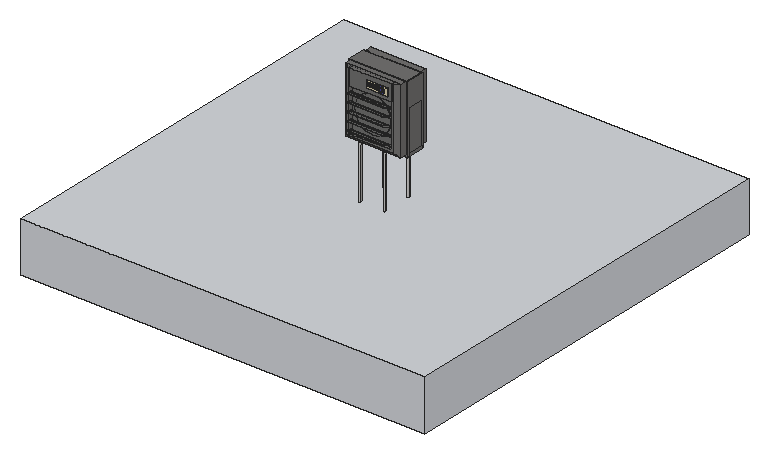
Revit family "Downflow_Unit_Heaters-QMark-MUH", category Mechanical Equipment, host Face, Revit 2012
Parameters (values of type "Not a Type - Load Type Catalog")
  Wire Size = "12"
  Width = 1' - 2"
  Watts = 32291.7 A
  Wall Mount C [instance] = if(Wall Mount, 1 = 1, 1 = 0)  # no
  Wall Mount [instance] = no
  Voltage = 208 V
  Visibility1 [instance] = if(or(Ceiling Mount Horizontal C, Wall Mount C), 1 = 1, 1 = 2)  # no
  URL = "http://www.marleymep.com/en/qmark/"
  Total Heating Capacity = 10.2 Btu/h
  Supply Fan Motor Speed = 1600
  Product Page URL = "http://www.marleymep.com/en/qmark/pd-muh-horizontal-downflow-unit-heaters/"
  Product Name = "MUH - Horizontal / Downflow Unit Heaters"  # constant formula
  Product Documentation Link = "http://www.marleymep.com/assets/pdf/ZBL-QMUHO.pdf"
  Power Factor = 1
  Phase = 1
  Number of Poles = 1
  Model = "MUH"  # constant formula
  Material = ""
  Manufacturer = "Marley Engineered Products"  # constant formula
  Length 2 [instance] = if(Ceiling Mount Horizontal C, Height, Depth)  # 0' - 8.496"
  Length 1 = Width  # 1' - 2"
  KW = 3000 W
  Height = 1' - 4"
  Full Load Current = 14.5 A
  Frequency = 60 Hz
  Fan Motor Volts = Voltage  # 208 V
  Fan Motor RPM = 1600
  Fan Motor HP = "1/100"
  Face Offset [instance] = 1' - 0"
  FPM = 800' - 0"
  Description = "Horizontal / Downflow Unit Heaters"  # constant formula
  Depth = 0' - 8.496"
  Default Elevation = 4' - 0"
  DT = 27 °F
  Control Volt = Voltage  # 208 V
  Connection [instance] = 1' - 3"
  Ceiling Mount Vertical C [instance] = if(Ceiling Mount Vertical, 1 = 1, 1 = 0)  # yes
  Ceiling Mount Vertical [instance] = yes
  Ceiling Mount Horizontal C [instance] = if(Ceiling Mount Horizontal, 1 = 1, 1 = 0)  # no
  Ceiling Mount Horizontal [instance] = no
  Casing = Paint - QMark - Black
  Cable Visibility [instance] = if(or(Ceiling Mount Vertical C, Ceiling Mount Horizontal C), 1 = 1, 1 = 2)  # yes
  Cable Offset [instance] = if(Ceiling Mount Horizontal C, 0' 0", 0' 0 7/16")  # 0' - 0 7/16"
  Cable Dist. 4 [instance] = if(Ceiling Mount Horizontal C, 0' 4 1/4", 0' 0 3/4")  # 0' - 0 3/4"
  Cable Dist. 3 [instance] = if(Ceiling Mount Horizontal C, 0' 2", 0' 0 3/4")  # 0' - 0 3/4"
  Cable Dist. 1 [instance] = if(Ceiling Mount Horizontal C, 0' 4 1/16", 0' 4 1/16")  # 0' - 4 1/16"
  Bracket Position = (Depth - 0' 2") / 2  # 0' - 3.248"
  Bracket Location = (Height / 2) + 0' 4 1/16"  # 1' - 0 1/16"
  Bracket Length [instance] = Face Offset + Depth - 0' 1"  # 1' - 7.496"
  Apparent Load = 3016 VA
  Amps = 14.5 A
  Actual Supply Air Flow = 350 CFM
  2 Stage Element Control = "NA"
Reference planes (in)
  plane 1 "Center (Front/Back)": y = 0
  plane 2: z = 0
  plane 3 "Center (Left/Right)": x = 0
  plane 4 "Left": x = -2.9375
  plane 5: y = 3.498
  plane 6: y = -3.498
  plane 7 "Right": x = 2.9375
  plane 8: z = 12
  plane 9: y = 4.248
  plane 10: y = -4.248
  plane 11: x = -7
  plane 12: x = 7
  plane 13: z = 12.4375
  plane 14 "Top": y = 12.0625
  plane 15: z = 19.496
  plane 16: z = 16.248
  plane 17: z = 17.996
Forms (in)
  Extrusion 1, solid
    sketch origin (0, 0, 0) x (1, 0, 0) y (0, 1, 0)
      loop
        line (-48, 48) -> (-48, -48) -> (48, -48) -> (48, 48) -> (-48, 48)
    from 0 to -12
  Extrusion 2, solid, material "Metal - QMark - Stainless Steel", visible <- "Cable Visibility"
    sketch origin (0, 0, 0) x (1, 0, 0) y (0, 1, 0)
      loop
        circle (-2.9375, 3.498) r 0.25
      loop
        circle (2.9375, 3.498) r 0.25
      loop
        circle (2.9375, -3.498) r 0.25
      loop
        circle (-2.9375, -3.498) r 0.25
    from 0 to 12.4375
  Sweep 3, solid, material "Metal - QMark - Stainless Steel", visible <- "Wall Mount C"
    path origin (0, 7.08706, 3.31608) x (0, 1, 0) y (0, 0, 1)
      loop
        line (4.97544, 16.17992) -> (4.97544, 8.43392)
    profile origin (0, 12.0625, 15.623) x (1, 0, 0) y (0, 1, 0)
      loop
        line (-1.15625, 0) -> (-1.15625, -1.25) -> (1.15625, -1.25) -> (1.15625, 0) -> (-1.15625, 0)
      loop
        line (-1.09375, -0.0625) -> (-1.09375, -1.1875) -> (1.09375, -1.1875) -> (1.09375, -0.0625) -> (-1.09375, -0.0625)
  Extrusion 4, solid, material "Metal - QMark - Stainless Steel", visible <- "Wall Mount C"
    sketch origin (0, 2.17461, -5.77942) x (0, 1, 0) y (0, 0, 1)
      loop
        line (9.88789, 5.77942) -> (9.88789, 17.52942) -> (8.63789, 17.52942) -> (-0.11211, 8.77942) -> (-0.11211, 5.77942) -> (9.88789, 5.77942)
      loop
        line (8.63789, 7.02942) -> (8.63789, 15.76165) -> (1.13789, 8.26165) -> (1.13789, 7.02942) -> (8.63789, 7.02942)
    from -1.15625 to 1.15625
Cuts and joins
  joined: Sweep 3, Extrusion 4
Lines and regions (in)
  Masking region 1, visible <- "Wall Mount C"
    outline origin (0, 0, 0) x (1, 0, 0) y (0, 0, 1)
      loop
        line (1.15625, 0) -> (1.15625, 19.496) -> (-1.15625, 19.496) -> (-1.15625, 0) -> (1.15625, 0)
  Masking region 2, visible <- "Ceiling Mount Horizontal C"
    outline origin (0, 0, 0) x (1, 0, 0) y (0, 1, 0)
      loop
        line (-7, 4.248) -> (-7, -4.248) -> (7, -4.248) -> (7, 4.248) -> (-7, 4.248)
  Masking region 3, visible <- "Ceiling Mount Vertical C"
    outline origin (0, 0, 0) x (1, 0, 0) y (0, 1, 0)
      loop
        line (-7, 2.748) -> (-7, -1.748) -> (7, -1.748) -> (7, 2.748) -> (-7, 2.748)
  Masking region 4, visible <- "Wall Mount", detail levels fine
    outline origin (0, 0, 0) x (1, 0, 0) y (0, 0, 1)
      loop
        line (4, 17.996) -> (4, 19.496) -> (1.15625, 19.496) -> (1.15625, 12) -> (4, 12) -> (4, 13.5) -> (3.03846, 13.5) -> (3.03846, 17.996) -> (4, 17.996)
  Masking region 5, visible <- "Wall Mount", detail levels fine
    outline origin (0, 0, 0) x (1, 0, 0) y (0, 0, 1)
      loop
        line (-1.15625, 19.496) -> (-4, 19.496) -> (-4, 17.996) -> (-3.03846, 17.996) -> (-3.03846, 13.5) -> (-4, 13.5) -> (-4, 12) -> (-1.15625, 12) -> (-1.15625, 19.496)
  Masking region 6, visible <- "Wall Mount"
    outline origin (0, 0, 0) x (1, 0, 0) y (0, 0, 1)
      loop
        line (6.5625, 19.496) -> (1.15625, 19.496) -> (1.15625, 12) -> (6.5625, 12) -> (6.5625, 19.496)
      loop
        line (-1.15625, 19.496) -> (-6.5625, 19.496) -> (-6.5625, 12) -> (-1.15625, 12) -> (-1.15625, 19.496)
  Masking region 7, detail levels fine
    outline origin (0, 0, 0) x (1, 0, 0) y (0, 0, 1)
      loop
        line (-7, 17.996) -> (-7, 13.5) -> (-6.5625, 13.5) -> (-6.5625, 17.996) -> (-7, 17.996)
      loop
        line (6.5625, 17.996) -> (6.5625, 13.5) -> (7, 13.5) -> (7, 17.996) -> (6.5625, 17.996)
  Masking region 8, detail levels medium+fine
    outline origin (0, 0, 0) x (1, 0, 0) y (0, 0, 1)
      loop
        line (-5.5625, 20.496) -> (-6.5625, 19.496) -> (6.5625, 19.496) -> (5.5625, 20.496) -> (5.10541, 20.496) -> (4.75, 21.76231) -> (-4.125, 21.76231) -> (-4.48041, 20.496) -> (-5.5625, 20.496)
  reference lines
    curve 1: line (0, 4.248, 15) -> (0, 4.248, 0)
  symbolic lines, visible <- "Ceiling Mount Horizontal C", detail levels fine
    curve 2: line (-5.0625, -3.873, 0) -> (-5.0625, -8, 0)
    curve 3: line (5.0625, -3.873, 0) -> (5.0625, -8, 0)
    curve 24: line (-5.0625, -3.873, 0) -> (5.0625, -3.873, 0)
  symbolic lines, visible <- "Ceiling Mount Horizontal C", detail levels medium+fine
    curve 4: line (-6.5625, -8, 0) -> (-6.5625, 3.8105, 0)
    curve 5: line (-6.5625, 3.8105, 0) -> (6.5625, 3.8105, 0)
    curve 6: line (6.5625, 3.8105, 0) -> (6.5625, -8, 0)
    curve 7: line (5.5625, -8, 0) -> (5.5625, 4.0605, 0)
    curve 8: line (5.5625, 4.0605, 0) -> (-5.5625, 4.0605, 0)
    curve 9: line (-5.5625, 4.0605, 0) -> (-5.5625, -8, 0)
    curve 11: line (-5.5625, 4.0605, 0) -> (-6.5625, 3.8105, 0)
  symbolic lines, visible <- "Ceiling Mount Horizontal", detail levels medium+fine
    curve 10: line (5.5625, 4.0605, 0) -> (6.5625, 3.8105, 0)
  symbolic lines, visible <- "Ceiling Mount Vertical C"
    curve 12: line (-6.5625, 2.748, 0) -> (-6.5625, 4.248, 0)
    curve 13: line (-6.5625, 4.248, 0) -> (6.5625, 4.248, 0)
    curve 14: line (6.5625, 4.248, 0) -> (6.5625, 2.748, 0)
    curve 15: line (6.5625, -1.496, 0) -> (6.5625, -2.996, 0)
    curve 16: line (6.5625, -2.996, 0) -> (-6.5625, -2.996, 0)
    curve 17: line (-6.5625, -2.996, 0) -> (-6.5625, -1.496, 0)
  symbolic lines, visible <- "Ceiling Mount Vertical C", detail levels medium+fine
    curve 18: line (-6.5625, -2.996, 0) -> (-5.5625, -3.996, 0)
    curve 19: line (-5.5625, -3.996, 0) -> (5.5625, -3.996, 0)
    curve 20: line (5.5625, -3.996, 0) -> (6.5625, -2.996, 0)
  symbolic lines, visible <- "Ceiling Mount Vertical C", detail levels fine
    curve 21: line (-5.11141, -3.996, 0) -> (-4.75, -5.28369, 0)
    curve 22: line (-4.75, -5.28369, 0) -> (4.125, -5.28369, 0)
    curve 23: line (4.125, -5.28369, 0) -> (4.48641, -3.996, 0)
  symbolic lines, style "MechanicalEquipmentHiddenLines", visible <- "Wall Mount C"
    curve 25: line (-13, 14.0625, 0) -> (13, 14.0625, 0)
    curve 26: line (-13, -8, 0) -> (-13, 14.0625, 0)
    curve 27: line (13, 14.0625, 0) -> (13, -8, 0)
  symbolic lines, style "MechanicalEquipment"
    curve 28: line (-4.48041, 0, 20.496) -> (5.10541, 0, 20.496)
  symbolic lines, style "MechanicalEquipmentHiddenLines", visible <- "Ceiling Mount Vertical C"
    curve 29: line (-13, 13.5605, 0) -> (13, 13.5605, 0)
    curve 30: line (-13, -4.248, 0) -> (-13, 13.5605, 0)
    curve 31: line (13, -4.248, 0) -> (-13, -4.248, 0)
    curve 32: line (13, 13.5605, 0) -> (13, -4.248, 0)
  symbolic lines, style "MechanicalEquipmentHiddenLines", visible <- "Ceiling Mount Horizontal C"
    curve 33: line (-25, 26, 0) -> (25, 26, 0)
    curve 34: line (-25, -8, 0) -> (-25, 26, 0)
    curve 35: line (25, -8, 0) -> (-25, -8, 0)
    curve 36: line (25, 26, 0) -> (25, -8, 0)
Dimensions and locks (in)
  locked: Extrusion 2 sketch curve to plane 5 at 0.25  (x2)
  locked: plane 5 to Extrusion 2 sketch curve at 0  (x2)
  locked: plane 4 "Left" to Extrusion 2 sketch curve at 0  (x2)
  locked: plane 7 "Right" to Extrusion 2 sketch curve at 0  (x2)
  locked: plane 6 to Extrusion 2 sketch curve at 0.25  (x2)
  locked: plane 6 to Extrusion 2 sketch curve at 0  (x2)
  "Cable Dist. 3": plane 9 to plane 5
  "Cable Dist. 4": plane 10 to plane 6
  "Cable Dist. 1": plane 7 "Right" to plane 12
  "Cable Dist. 1": plane 11 to plane 4 "Left"
  equal spacing: plane 11, plane 3 "Center (Left/Right)", plane 12
  "Length 1": plane 11 to plane 12
  equal spacing: plane 10, plane 1 "Center (Front/Back)", plane 9
  "Length 2": plane 9 to plane 10
  Extrusion 4 to plane 3 "Center (Left/Right)" to Extrusion 4 = 0' - 1 5/32" locked, 0' - 1 5/32" locked
  locked: Sweep 3 sketch curve to plane 2 at 11.75
  Extrusion 4 sketch curve to Extrusion 4 sketch curve to Extrusion 4 sketch curve to Extrusion 4 sketch curve to Extrusion 4 sketch curve to plane 2 = 0' - 1.76777" locked, 0' - 6.98223" locked, 0' - 0.51777" locked, 0' - 1.23223" locked, 0' - 1 1/4" locked
  plane 14 "Top" to Extrusion 4 sketch curve to Extrusion 4 sketch curve to Extrusion 4 sketch curve = 0' - 1 1/4" locked, 0' - 7 1/2" locked, 0' - 1 1/4" locked
  "Bracket Length": plane 15 to plane 2
  "Bracket Position": plane 16 to plane 15
  locked: plane 14 "Top" to nested 3 at 1.25
  "Bracket Location": plane 14 "Top" to plane 1 "Center (Front/Back)"
  "Face Offset": plane 8 to plane 2
  "Cable Offset": plane 13 to plane 8
  "Connection": curve 1 to plane 2
  Masking region 1 sketch curve to plane 3 "Center (Left/Right)" to Masking region 1 sketch curve = 0' - 1 5/32" locked, 0' - 1 5/32" locked
  Sweep 3 sketch curve to plane 3 "Center (Left/Right)" to Sweep 3 sketch curve = 0' - 1 5/32" locked, 0' - 1 5/32" locked
  locked: Sweep 3 sketch curve to Sweep 3 sketch curve at 0.0625  (x2)
  locked: plane 17 to plane 15 at 1.5
  Masking region 3 sketch curve to plane 1 "Center (Front/Back)" to Masking region 3 sketch curve = 0' - 1.748" locked, 0' - 2.748" locked
  Masking region 4 sketch curve to plane 7 "Right" to Masking region 4 sketch curve to Masking region 4 sketch curve to Masking region 4 sketch curve = 0' - 1 25/32" locked, 0' - 0.10096" locked, 0' - 0.96154" locked, 0' - 0" locked
  Masking region 5 sketch curve to plane 4 "Left" to Masking region 5 sketch curve to Masking region 5 sketch curve to Masking region 5 sketch curve = 0' - 1 25/32" locked, 0' - 0.10096" locked, 0' - 0.96154" locked, 0' - 0" locked
  Masking region 6 sketch curve to Masking region 6 sketch curve to nested 3 to Masking region 6 sketch curve to Masking region 6 sketch curve = 0' - 5 13/32" locked, 0' - 1 5/32" locked, 0' - 1 5/32" locked, 0' - 5 13/32" locked
  locked: plane 17 to Masking region 7 sketch curve at 4.496  (x2)
  locked: Masking region 7 sketch curve to plane 11 at 0.4375
  locked: Masking region 7 sketch curve to plane 12 at 0.4375
  Masking region 8 sketch curve to Masking region 8 sketch curve to Masking region 8 sketch curve to plane 15 = 0' - 1.26631" locked, 0' - 0" locked, 0' - 1" locked
  Masking region 8 sketch curve to Masking region 8 sketch curve to Masking region 8 sketch curve to plane 3 "Center (Left/Right)" to Masking region 8 sketch curve to Masking region 8 sketch curve = 0' - 0.45709" locked, 0' - 0.35541" locked, 0' - 4 3/4" locked, 0' - 4 1/8" locked, 0' - 1 7/16" locked
  locked: plane 14 "Top" to curve 25 at 2
  locked: plane 12 to curve 27 at 6
  locked: curve 26 to nested 2 at 6
  locked: plane 12 to curve 32 at 6
  locked: curve 30 to plane 11 at 6
  curve 31 to plane 10 = 0' - 0"
  locked: curve 29 to curve 8 at 9.5
  locked: curve 33 to nested 2 at 18
  locked: curve 34 to plane 11 at 18
  locked: plane 12 to curve 36 at 18
  aligned and locked: plane 2 to Extrusion 1
  aligned and locked: level to Extrusion 1
  aligned and locked: nested 2 to plane 1 "Center (Front/Back)"
  aligned and locked: plane 3 "Center (Left/Right)" to nested 2
  aligned and locked: nested 1 to plane 3 "Center (Left/Right)"
  aligned and locked: plane 1 "Center (Front/Back)" to nested 1
  aligned and locked: nested 1 to plane 8
  aligned and locked: Extrusion 2 to plane 2
  aligned and locked: nested 2 to plane 8
  aligned and locked: plane 13 to Extrusion 2
  aligned and locked: Sweep 3 sketch curve to plane 14 "Top"
  aligned and locked: plane 2 to Extrusion 4 sketch curve
  aligned and locked: plane 15 to Sweep 3 sketch curve
  aligned and locked: nested 3 to plane 3 "Center (Left/Right)"
  aligned and locked: Masking region 1 sketch curve to level
  aligned and locked: Masking region 1 sketch curve to plane 15
  aligned and locked: plane 15 to nested 2
  aligned and locked: plane 17 to nested 3
  aligned and locked: Masking region 2 sketch curve to plane 9
  aligned and locked: plane 12 to Masking region 2 sketch curve
  aligned and locked: plane 11 to Masking region 2 sketch curve
  aligned and locked: Masking region 2 sketch curve to plane 10
  aligned and locked: plane 12 to Masking region 3 sketch curve
  aligned and locked: plane 11 to Masking region 3 sketch curve
  aligned and locked: Masking region 4 sketch curve to plane 15
  aligned and locked: Masking region 4 sketch curve to plane 8
  aligned and locked: plane 15 to Masking region 5 sketch curve
  aligned and locked: plane 8 to Masking region 5 sketch curve
  aligned and locked: plane 15 to Masking region 6 sketch curve  (x2)
  aligned and locked: plane 8 to Masking region 6 sketch curve  (x2)
  aligned and locked: plane 17 to Masking region 7 sketch curve  (x2)
  aligned and locked: plane 12 to Masking region 7 sketch curve
  aligned and locked: plane 11 to Masking region 7 sketch curve
  aligned and locked: plane 15 to Masking region 8 sketch curve
  aligned and locked: plane 14 "Top" to Extrusion 4 sketch curve
  aligned and locked: curve 35 to nested 2
Automatic sketch dimensions
  Extrusion 1 sketch curve to Extrusion 1 sketch curve = 8' - 0"  (x2)
  profile plane to Sweep 3 sketch curve = 0' - 1 1/4"
  Sweep 3 sketch curve to Sweep 3 sketch curve = 0' - 0 1/16"  (x2)
  profile plane to Sweep 3 sketch curve = 0' - 0"
  Extrusion 4 sketch curve to Extrusion 4 sketch curve = 0' - 0"
  curve 1 to level = 0' - 0"
  curve 1 to plane 9 = 0' - 0"
  Masking region 4 sketch curve to plane 17 = 0' - 0"
  plane 8 to Masking region 4 sketch curve = 0' - 1 1/2"
  Masking region 5 sketch curve to plane 17 = 0' - 0"
  plane 8 to Masking region 5 sketch curve = 0' - 1 1/2"
  plane 11 to Masking region 8 sketch curve = 0' - 0 7/16"
  plane 12 to Masking region 8 sketch curve = 0' - 0 7/16"
  Masking region 8 sketch curve to Masking region 8 sketch curve = 0' - 1.08209"
  curve 28 to plane 4 "Left" = 0' - 1.54291"
  plane 12 to curve 28 = 0' - 1.89459"
  curve 28 to plane 15 = 0' - 1"
  curve 13 to plane 9 = 0' - 0"
  plane 11 to curve 4 = 0' - 0 7/16"
  curve 17 to curve 16 = 0' - 0"
  curve 13 to curve 4 = 0' - 0"
  curve 11 to plane 9 = 0' - 0 3/16"
  curve 12 to curve 11 = 0' - 1"
  curve 21 to plane 10 = 0' - 0.252"
  curve 18 to curve 21 = 0' - 0.45109"
  curve 9 to curve 2 = 0' - 0 1/2"
  curve 21 to curve 21 = 0' - 0.36141"
  curve 22 to plane 7 "Right" = 0' - 1 3/16"
  curve 22 to curve 23 = 0' - 0.36141"
  curve 23 to curve 24 = 0' - 0.57609"
  curve 3 to curve 19 = 0' - 0 1/2"
  plane 12 to curve 13 = 0' - 0 7/16"
  curve 5 to curve 13 = 0' - 0"
  plane 12 to curve 14 = 0' - 0 7/16"
  plane 12 to curve 20 = 0' - 0 7/16"
  plane 10 to curve 23 = 0' - 1.03569"
  curve 20 to curve 19 = 0' - 0"
  curve 18 to curve 19 = 0' - 0"
  curve 21 to curve 2 = 0' - 0.123"
  curve 16 to plane 6 = 0' - 0.502"
  plane 1 "Center (Front/Back)" to curve 17 = 0' - 1.496"
  plane 1 "Center (Front/Back)" to curve 15 = 0' - 1.496"
  curve 12 to plane 5 = 0' - 0 3/4"
  curve 14 to plane 5 = 0' - 0 3/4"
  plane 5 to curve 11 = 0' - 0 5/16"
Nested families (in)
  nested 1: "Unit Heater HUHAA" at (0, 0, 28) x (-1, 0, 0) z (0, 0, -1), visible <- "Ceiling Mount Vertical C", type "Unit Heater HUHAA"
  nested 2: "Unit Heater HUHAA" at (0, -8, 16.248) x (1, 0, 0) z (0, 1, 0), visible <- "Visibility1", type "Unit Heater HUHAA"
  nested 3: "Bracket HUHAA" at (0, 7.5625, 15.75) x (0, 0, 1) z (0, 1, 0), visible <- "Wall Mount C", type "Bracket HUHAA"
Connectors (in)
  electrical at (0, 4.248, 15), driven by "Number of Poles", driven by "Voltage", driven by "Power Factor", driven by "Apparent Load"
    settings: on curve 1, index 1, voltage 208 V, apparent load 0 VA, apparent load phase1 3016 VA, apparent load phase2 0 VA, apparent load phase3 0 VA, power factor 1, load classification "HVAC", number of poles 1, system type 31, power factor state 1, is connector primary yes, connector utility no, sub classification motor no, connector description "Power Connection"
Definition of nested family "Unit Heater HUHAA"
  Parameters (values of type "Unit Heater HUHAA")
    Width = 1' - 2"
    Side Panel = 0.65 * Height  # 0' - 10.4"
    Opening Radius = if(Width > 1' 8", 0' 8 1/2", if(Width > 1' 4", 0' 6 1/2", 0' 4 1/4"))  # 0' - 4 1/4"
    Opening Center = if(Width > 1' 8", 0' 11 3/4", if(Width > 1' 4", 0' 8 1/2", 0' 6 7/8"))  # 0' - 6 7/8"
    Material = ""
    Lower Panel = if(Width > 1' 8", 0' 5 3/4", if(Width > 1' 4", 0' 4 1/4", 0' 3 7/8"))  # 0' - 3 7/8"
    Louvers = none
    Louver Length = Width - 0' 3 3/4"  # 0' - 10 1/4"
    Logo = none
    Fins = none
    Height = 1' - 4"
    Fan Location = none
    Depth = 0' - 8.496"
    Default Elevation = 4' - 0"
    Casing = none
    # of Louvers = if(Width > 1' 8", 10, if(Width > 1' 4", 7, 5))  # 5
  Reference planes (in)
    plane 1 "Center (Front/Back)": y = 0
    plane 2 "Bottom": z = 0
    plane 3 "Center (Left/Right)": x = 0
    plane 4: x = -7
    plane 5 "Top": z = 16
    plane 6: x = 7
    plane 7: y = 4.248
    plane 8: y = -4.248
    plane 9: y = -1.748
    plane 10: y = 2.748
    plane 11 "Opening Center": z = 8.6875
    plane 12: y = -3.248
    plane 13: x = -6.5625
    plane 14: z = 0.4375
    plane 15 "Center (Elevation)": z = 8
    plane 16: z = 15.5625
    plane 17: x = 6.5625
    plane 18: z = 1.0625
    plane 19: z = 14.9375
    plane 20: x = -5.125
    plane 21: x = 5.125
    plane 22: y = -3.998
    plane 23: z = 13.28125
    plane 24: y = -1.373
    plane 25: y = 2.373
    plane 26: z = 5.6
    plane 27: y = -1.998
    plane 28: z = 3.875
    plane 29: z = 11.28125
    plane 30: y = 0.5
    plane 31: y = -3.373
  Forms (in)
    Extrusion 1, solid, material <- "Louvers"
      sketch origin (17.25, 0, 0) x (1, 0, 0) y (0, 0, 1)
        loop
          line (-23.625, 16) -> (-23.625, 15.5625) -> (-10.875, 15.5625) -> (-10.875, 16) -> (-23.625, 16)
        loop
          line (-23.8125, 5.6) -> (-23.8125, 15.375) -> (-24.25, 15.375) -> (-24.25, 5.6) -> (-23.8125, 5.6)
        loop
          line (-10.6875, 5.6) -> (-10.25, 5.6) -> (-10.25, 15.375) -> (-10.6875, 15.375) -> (-10.6875, 5.6)
      from -2.373 to 1.373
    Sweep 2, solid, material <- "Casing"
      path in 3D
        loop
          line (6.5625, -3.248, 0) -> (6.5625, -3.248, 15.5625) -> (-6.5625, -3.248, 15.5625) -> (-6.5625, -3.248, 0)
      profile origin (-6.5625, -3.248, 7.78125) x (-1, 0, 0) y (0, -1, 0)
        loop
          line (0, 0) -> (-1, 1) -> (-1.5, 1) -> (-1.5, 0) -> (0, 0)
    Extrusion 3, solid, material <- "Casing"
      sketch origin (0, 0, 0) x (1, 0, 0) y (0, 0, 1)
        loop
          line (5.0625, 0) -> (5.0625, 3.875) -> (-5.0625, 3.875) -> (-5.0625, 0) -> (5.0625, 0)
      from 3.248 to 4.248
    Extrusion 4, solid, material <- "Louvers"
      sketch origin (17.25, 0, 2.75) x (1, 0, 0) y (0, 0, 1)
        loop
          line (-23.8125, 12.8125) -> (-23.625, 12.8125) -> (-23.625, 13.25) -> (-24.25, 13.25) -> (-24.25, 12.625) -> (-23.8125, 12.625) -> (-23.8125, 12.8125)
        loop
          line (-10.6875, 12.8125) -> (-10.6875, 12.625) -> (-10.25, 12.625) -> (-10.25, 13.25) -> (-10.875, 13.25) -> (-10.875, 12.8125) -> (-10.6875, 12.8125)
      from -2.373 to 1.373
    Extrusion 5, solid, material <- "Fan Location"
      sketch origin (0, 0, 0) x (1, 0, 0) y (0, 0, 1)
        loop
          circle (0, 8.6875) r 4.25
      from 3.248 to 3.373
    Extrusion 6, solid, material <- "Casing"
      sketch origin (0, 0, 0) x (0, 1, 0) y (0, 0, 1)
        loop
          line (2.748, 0) -> (2.748, 16) -> (2.373, 16) -> (2.373, 5.6) -> (-1.373, 5.6) -> (-1.373, 16) -> (-1.748, 16) -> (-1.748, 0) -> (2.748, 0)
      from -7 to 7
    Extrusion 7, solid, material <- "Casing"
      sketch origin (0, 0, 0) x (0, 1, 0) y (0, 0, 1)
        loop
          line (4.248, 15.5625) -> (-3.248, 15.5625) -> (-3.248, 0) -> (-1.748, 0) -> (-1.748, 0.125) -> (2.748, 0.125) -> (2.748, 0) -> (4.248, 0) -> (4.248, 15.5625)
      from -6.5625 to 6.5625
  Lines and regions (in)
    sketch lines
      curve 1: line (-6.5625, -3.248, 15.5625) -> (-6.5625, -3.248, 0)
      curve 2: line (6.5625, -3.248, 15.5625) -> (-6.5625, -3.248, 15.5625)
      curve 3: line (6.5625, -3.248, 0) -> (6.5625, -3.248, 15.5625)
  Dimensions and locks (in)
    equal spacing: plane 6, plane 3 "Center (Left/Right)", plane 4
    "Width": plane 6 to plane 4
    "Height": plane 5 "Top" to plane 2 "Bottom"
    equal spacing: plane 8, plane 1 "Center (Front/Back)", plane 7
    "Depth": plane 7 to plane 8
    equal spacing: plane 5 "Top", plane 15 "Center (Elevation)", plane 2 "Bottom"
    locked: plane 12 to plane 8 at 1
    locked: plane 8 to plane 9 at 2.5
    locked: plane 7 to plane 10 at 1.5
    plane 18 to plane 14 to plane 2 "Bottom" = 0' - 0 5/8" locked, 0' - 0 7/16" locked
    plane 5 "Top" to plane 16 to plane 19 = 0' - 0 7/16" locked, 0' - 0 5/8" locked
    plane 20 to plane 13 to plane 4 = 0' - 1 7/16" locked, 0' - 0 7/16" locked
    plane 21 to plane 17 to plane 6 = 0' - 1 7/16" locked, 0' - 0 7/16" locked
    locked: plane 8 to plane 22 at 0.25
    "Opening Center": plane 16 to plane 11 "Opening Center"
    locked: plane 24 to plane 9 at 0.375
    locked: plane 25 to plane 10 at 0.375
    "Side Panel": plane 5 "Top" to plane 26
    locked: plane 27 to plane 8 at 2.25
    Extrusion 3 sketch curve to plane 2 "Bottom" = 0' - 3 7/8"
    locked: Extrusion 1 sketch curve to plane 4 at 0.625
    locked: Extrusion 1 sketch curve to plane 6 at 0.625
    locked: plane 5 "Top" to Extrusion 4 sketch curve at 0.625  (x2)
    locked: Extrusion 4 sketch curve to plane 4 at 0.625
    locked: Extrusion 4 sketch curve to plane 6 at 0.625
    locked: plane 5 "Top" to Extrusion 1 sketch curve at 0.625  (x2)
    locked: plane 19 to plane 23 at 1.65625
    equal spacing: group 1, group 2, group 3, group 4, group 5  (x2)
    equal spacing: group 5, group 4, group 3, group 2, group 1
    "Lower Panel": plane 28 to plane 2 "Bottom"
    locked: plane 23 to plane 29 at 2
    equal spacing: plane 25, plane 30, plane 24
    locked: plane 12 to plane 31 at 0.125
    locked: nested 6 to plane 3 "Center (Left/Right)" at 0.78284
    aligned and locked: level to plane 2 "Bottom"
    aligned and locked: plane 3 "Center (Left/Right)" to nested 1
    aligned and locked: plane 22 to nested 1
    aligned and locked: plane 23 to nested 1
    aligned and locked: Extrusion 1 to plane 25
    aligned and locked: Extrusion 1 to plane 24
    aligned and locked: Extrusion 1 sketch curve to plane 5 "Top"
    aligned and locked: plane 16 to Extrusion 1 sketch curve
    aligned and locked: plane 2 "Bottom" to Extrusion 3 sketch curve
    aligned and locked: Sweep 2 to Extrusion 3 sketch curve
    aligned and locked: Extrusion 3 sketch curve to Sweep 2
    aligned and locked: plane 8 to Extrusion 3
    aligned and locked: Extrusion 4 sketch curve to plane 4
    aligned and locked: Extrusion 4 sketch curve to plane 13
    aligned and locked: plane 5 "Top" to Extrusion 4 sketch curve
    aligned and locked: plane 16 to Extrusion 4 sketch curve
    aligned and locked: Extrusion 4 sketch curve to plane 5 "Top"
    aligned and locked: Extrusion 4 sketch curve to plane 16
    aligned and locked: plane 17 to Extrusion 4 sketch curve
    aligned and locked: plane 6 to Extrusion 4 sketch curve
    aligned and locked: plane 4 to Extrusion 1 sketch curve
    aligned and locked: Extrusion 1 sketch curve to plane 13
    aligned and locked: Extrusion 1 sketch curve to plane 26
    aligned and locked: plane 26 to Extrusion 1 sketch curve
    aligned and locked: Extrusion 4 to plane 25
    aligned and locked: plane 28 to Extrusion 3
    aligned and locked: Extrusion 4 to plane 24
    aligned and locked: plane 29 to nested 2
    aligned and locked: plane 22 to nested 2
    aligned and locked: plane 12 to Extrusion 5
    aligned and locked: Extrusion 5 to plane 31
    aligned and locked: Extrusion 6 to plane 4
    aligned and locked: Extrusion 6 to plane 6
    aligned and locked: Extrusion 7 to plane 13
    aligned and locked: Extrusion 7 to plane 17
    aligned and locked: plane 12 to Extrusion 3
    aligned and locked: plane 12 to Sweep 2
    aligned and locked: Extrusion 7 to plane 12
    aligned and locked: plane 7 to Extrusion 7
    aligned and locked: plane 10 to Extrusion 6 sketch curve
    aligned and locked: plane 9 to Extrusion 6 sketch curve
    aligned and locked: plane 24 to Extrusion 6 sketch curve
    aligned and locked: plane 25 to Extrusion 6 sketch curve
    aligned and locked: Extrusion 6 sketch curve to plane 5 "Top"  (x2)
    aligned and locked: Extrusion 6 sketch curve to plane 26
    aligned and locked: Extrusion 6 sketch curve to plane 2 "Bottom"
    aligned and locked: nested 6 to plane 18
  Automatic sketch dimensions
    Sweep 2 sketch curve to profile plane = 0' - 0"  (x2)
    Sweep 2 sketch curve to profile plane = 0' - 1"  (x2)
    Sweep 2 sketch curve to Sweep 2 sketch curve = 0' - 0 1/2"
    plane 17 to Extrusion 1 sketch curve = 0' - 0"
    plane 6 to Extrusion 1 sketch curve = 0' - 0"
    Extrusion 5 sketch curve to plane 3 "Center (Left/Right)" = 0' - 0"
    Extrusion 5 sketch curve to plane 11 "Opening Center" = 0' - 0"
    Extrusion 7 sketch curve to plane 12 = 0' - 0"
    Extrusion 7 sketch curve to plane 9 = 0' - 0"
    Extrusion 7 sketch curve to plane 10 = 0' - 0"
    Extrusion 7 sketch curve to level = 0' - 0"  (x2)
    plane 7 to Extrusion 7 sketch curve = 0' - 0"
    plane 16 to Extrusion 7 sketch curve = 0' - 0"
    Extrusion 7 sketch curve to Extrusion 7 sketch curve = 0' - 0 1/8"
    radius of Extrusion 5 sketch curve = 0' - 4 1/4"
  Nested families (in)
    nested 1: "Louver" at (0, -3.998, 13.28125) x (0, 1, 0) z (0, 0, 1), type "Louver"
    nested 2: "Louver" at (0, -3.998, 11.28125) x (0, 1, 0) z (0, 0, 1), type "Louver"
    nested 3: "Louver" at (0, -3.998, 9.28125) x (0, 1, 0) z (0, 0, 1), type "Louver"
    nested 4: "Louver" at (0, -3.998, 7.28125) x (0, 1, 0) z (0, 0, 1), type "Louver"
    nested 5: "Louver" at (0, -3.998, 5.28125) x (0, 1, 0) z (0, 0, 1), type "Louver"
    nested 6: "qmark logo" at (-3.34375, -4.248, 1.50457) x (1, 0, 0) z (0, -1, 0), type "qmark logo"
  Definition of nested family "Louver"
    Parameters (values of type "Louver")
      Louver = none
      Length = 0' - 10 1/4"
    Reference planes (in)
      plane 1 "Center (Front/Back)": y = 0
      plane 2: z = 0
      plane 3 "Center (Left/Right)": x = 0
      plane 4: through (-2.85114, -180, -0.93796) normal (-0.342, 0, 0.9397)
      plane 5: y = 5.125
      plane 6: y = -5.125
      plane 7: y = 4.5
    Forms (in)
      Extrusion 1, solid, material <- "Louver"
        sketch origin (0, 0, 0) x (1, 0, 0) y (0, 0, 1)
          loop
            line (0.01069, -0.02937) -> (-0.01069, 0.02937) -> (-1.53769, -0.52642) -> (-1.51631, -0.58515) -> (0.01069, -0.02937)
        from -4.5 to 5.125
      Extrusion 2, solid, material <- "Louver"
        sketch origin (0, 0, 0) x (1, 0, 0) y (0, 0, 1)
          loop
            circle (0, 0) r 0.09375
        from -5.125 to 5.125
      Extrusion 3, void
        sketch origin (-2.85114, -180, -0.93796) x (0.939693, 0, 0.34202) y (0, -1, 0)
          loop
            line (2.79688, -174.875) -> (1.375, -174.875) -> (1.375, -175.25) -> (2.79688, -174.875)
          loop
            line (2.79688, -184.5) -> (1.375, -184.125) -> (1.375, -184.5) -> (2.79688, -184.5)
        from 0 to 0.125
    Cuts and joins
      Extrusion 3 cuts Extrusion 1
      Extrusion 3 cuts Extrusion 2
      joined: Extrusion 1, Extrusion 2
    Dimensions and locks (in)
      equal spacing: plane 6, plane 1 "Center (Front/Back)", plane 5
      "Length": plane 6 to plane 5
      aligned and locked: plane 2 to level
      aligned and locked: plane 5 to Extrusion 2
      aligned and locked: plane 6 to Extrusion 2
      aligned and locked: Extrusion 1 to Extrusion 2
      aligned and locked: plane 7 to Extrusion 1
      aligned and locked: cut or joined group of Extrusion 1, Extrusion 2, Extrusion 3 to Extrusion 3 sketch curve
      aligned and locked: Extrusion 3 sketch curve to cut or joined group of Extrusion 1, Extrusion 2, Extrusion 3  (x3)
    Automatic sketch dimensions
      Extrusion 2 sketch curve to level = 0' - 0"
      Extrusion 2 sketch curve to plane 3 "Center (Left/Right)" = 0' - 0"
      Extrusion 1 sketch curve to plane 3 "Center (Left/Right)" = 0' - 0.01069"
      plane 3 "Center (Left/Right)" to Extrusion 1 sketch curve = 0' - 0.01069"
      level to Extrusion 1 sketch curve = 0' - 0.02937"
      Extrusion 1 sketch curve to level = 0' - 0.52642"
      Extrusion 1 sketch curve to level = 0' - 0.58515"
      Extrusion 3 sketch curve to Extrusion 3 sketch curve = 0' - 1 27/64"  (x2)
      Extrusion 3 sketch curve to plane 7 = 0' - 0 3/8"
      Extrusion 3 sketch curve to Extrusion 3 sketch curve = 0' - 0 3/8"
      radius of Extrusion 2 sketch curve = 0' - 0 3/32"
  Definition of nested family "qmark logo"
    Parameters (values of type "qmark logo")
      Logo Plate = Paint - QMark- Tan
      Logo Dot = none
      Logo = none
      Default Elevation = 4' - 0"
    Reference planes (in)
      plane 1 "Center (Front/Back)": y = 0
      plane 2: z = 0.00556
      plane 3 "Center (Left/Right)": x = 0
      plane 4: x = 4
      plane 5: z = 0.03681
      plane 6: z = 0.05244
    Forms (in)
      Extrusion 1, solid
        sketch origin (0, 0, 0) x (1, 0, 0) y (0, 1, 0)
          loop
            line (-48, 48) -> (-48, -48) -> (48, -48) -> (48, 48) -> (-48, 48)
        from 0.00556 to -12
      Extrusion 2, solid, material "Paint - QMark- Tan" <- "Logo Plate"
        sketch origin (0, 0, 0) x (1, 0, 0) y (0, 1, 0)
          loop
            line (-0.87341, 1.41643) -> (-0.87341, -0.44207) -> (4.12659, -0.44207) -> (4.12659, 1.41643) -> (-0.87341, 1.41643)
        from 0.00556 to 0.03681
      Extrusion 3, solid, material <- "Logo"
        sketch origin (0, 0, 0) x (1, 0, 0) y (0, 1, 0)
          loop
            line (0, 0.95858) -> (0, 0.3771)
            arc (0, 0.3771) -> (0.05129, 0.23702) -> (0.14696, 0.12256) r 0.4343
            arc (0.14696, 0.12256) -> (0.28953, 0.0404) -> (0.45187, 0.01348) r 0.46155
            line (0.45187, 0.01348) -> (0.45187, -0.15825)
            arc (0.45187, -0.15825) -> (0.47996, -0.23634) -> (0.55135, -0.27866) r 0.12261
            line (0.55135, -0.27866) -> (1.01697, -0.27866) -> (1.01697, -0.01551) -> (0.6332, -0.01551) -> (0.60354, 0.01415)
            arc (0.60354, 0.01415) -> (0.88327, 0.11404) -> (1.01697, 0.37928) r 0.39993
            line (1.01697, 0.37928) -> (1.01697, 0.92368)
            arc (1.01697, 0.92368) -> (0.77663, 1.02696) -> (0.81547, 1.28565) r 0.21416
            arc (0.81547, 1.28565) -> (0.46982, 1.31285) -> (0.14102, 1.20284) r 0.86954
            arc (0.14102, 1.20284) -> (0.03779, 1.0996) -> (0, 0.95858) r 0.28204
          loop
            line (0.46093, 1.03929) -> (0.46093, 0.2757) -> (0.57888, 0.2757) -> (0.57888, 1.03929) -> (0.46093, 1.03929)
          loop
            line (1.10459, 0.82613) -> (1.10459, 0.03017) -> (1.35459, 0.03017) -> (1.35459, 0.39946) -> (1.44178, 0.03017) -> (1.67531, 0.03017) -> (1.74691, 0.40754) -> (1.74691, 0.03017) -> (2.01111, 0.03017) -> (2.01111, 0.82613) -> (1.6315, 0.82613) -> (1.56203, 0.45997) -> (1.4842, 0.82613) -> (1.10459, 0.82613)
          loop
            line (2.13866, 0.82613) -> (2.03588, 0.03017) -> (2.26669, 0.03017) -> (2.29472, 0.17792) -> (2.4074, 0.17792) -> (2.43151, 0.03017) -> (2.68896, 0.03017) -> (2.55909, 0.82613) -> (2.13866, 0.82613)
          loop
            line (2.70195, 0.82613) -> (2.70195, 0.03017) -> (2.97449, 0.03017) -> (2.97449, 0.32478) -> (3.05163, 0.32478) -> (3.05163, 0.03017) -> (3.31885, 0.03017) -> (3.31885, 0.32478)
            arc (3.31885, 0.32478) -> (3.28613, 0.38522) -> (3.23339, 0.4293) r 0.18276
            arc (3.23339, 0.4293) -> (3.31557, 0.64641) -> (3.16864, 0.82613) r 0.23215
            line (3.16864, 0.82613) -> (2.70195, 0.82613)
          loop
            line (3.34689, 0.82613) -> (3.34689, 0.03017) -> (3.63488, 0.03017) -> (3.63488, 0.32478) -> (3.7197, 0.03017) -> (4, 0.03017) -> (3.8817, 0.44108) -> (4, 0.82613) -> (3.7197, 0.82613) -> (3.63126, 0.53828) -> (3.63126, 0.82613) -> (3.34689, 0.82613)
          loop
            line (2.31346, 0.35418) -> (2.4074, 0.35418) -> (2.35977, 0.64608) -> (2.31346, 0.35418)
          loop
            line (2.9865, 0.65806) -> (2.9865, 0.51098) -> (3.06317, 0.51098) -> (3.06317, 0.65806) -> (2.9865, 0.65806)
        from 0 to 0.05244
      Extrusion 4, solid, material <- "Logo Dot"
        sketch origin (0.00781, -0.01562, 0) x (1, 0, 0) y (0, 1, 0)
          loop
            circle (0.96327, 1.15255) r 0.16146
        from 0 to 0.05244
    Dimensions and locks (in)
      locked: plane 3 "Center (Left/Right)" to plane 4 at 4
      locked: plane 2 to plane 5 at 0.03125
      locked: plane 2 to plane 6 at 0.04688
      aligned and locked: plane 2 to Extrusion 1
      aligned and locked: plane 5 to Extrusion 2
      aligned and locked: Extrusion 2 to plane 2
      aligned and locked: plane 6 to Extrusion 3
      aligned and locked: plane 6 to Extrusion 4
Definition of nested family "Bracket HUHAA"
  Parameters (values of type "Bracket")
    Length = 0' - 8"
    Depth = 0' - 7 1/2"
    Default Elevation = 4' - 0"
    Bracket = Paint - QMark - Black
  Reference planes (in)
    plane 1 "Center (Front/Back)": y = 0
    plane 2: z = 0
    plane 3 "Center (Left/Right)": x = 0
    plane 4: x = -2.25
    plane 5: x = -3.75
    plane 6: x = 1.25
    plane 7: x = 2.75
    plane 8: z = 3.25
    plane 9: y = 4
    plane 10: y = -4
    plane 11: x = 3.75
  Forms (in)
    Extrusion 1, solid, material "Paint - QMark - Black" <- "Bracket"
      sketch origin (0, 0, 0) x (1, 0, 0) y (0, 0, 1)
        loop
          line (2.75, 0) -> (2.75, 0.125) -> (1.375, 0.125) -> (1.375, 3.25) -> (-2.375, 3.25) -> (-2.375, 0.125) -> (-3.75, 0.125) -> (-3.75, 0) -> (-2.25, 0) -> (-2.25, 3.125) -> (1.25, 3.125) -> (1.25, 0) -> (2.75, 0)
      from -4 to 4
    Extrusion 2, void
      sketch origin (0, 0, 0) x (0, 1, 0) y (0, 0, 1)
        loop
          line (4, 3.25) -> (3, 3.25) -> (4, 0) -> (4, 3.25)
        loop
          line (-4, 3.25) -> (-4, 0) -> (-3, 3.25) -> (-4, 3.25)
      from -3.75 to 2.75
  Cuts and joins
    Extrusion 2 cuts Extrusion 1
  Dimensions and locks (in)
    locked: plane 5 to plane 4 at 1.5
    locked: plane 6 to plane 7 at 1.5
    plane 2 to Extrusion 1 sketch curve to Extrusion 1 sketch curve = 0' - 0 1/8" locked, 0' - 0" locked
    locked: plane 2 to plane 8 at 3.25
    locked: Extrusion 1 sketch curve to plane 8 at 0.125
    equal spacing: plane 9, plane 1 "Center (Front/Back)", plane 10
    "Length": plane 9 to plane 10
    locked: plane 9 to Extrusion 2 sketch curve at 1
    locked: Extrusion 2 sketch curve to plane 10 at 1
    locked: plane 7 to plane 11 at 1
    "Depth": plane 5 to plane 11
    locked: plane 5 to plane 3 "Center (Left/Right)" at 3.75
    aligned and locked: plane 2 to level
    aligned and locked: Extrusion 1 sketch curve to plane 5
    aligned and locked: plane 4 to Extrusion 1 sketch curve
    aligned and locked: plane 6 to Extrusion 1 sketch curve
    aligned and locked: plane 7 to Extrusion 1 sketch curve
    aligned and locked: Extrusion 1 sketch curve to plane 8
    aligned and locked: Extrusion 1 to plane 9
    aligned and locked: Extrusion 1 to plane 10
    aligned and locked: plane 9 to Extrusion 2 sketch curve
    aligned and locked: plane 8 to Extrusion 2 sketch curve  (x2)
    aligned and locked: plane 10 to Extrusion 2 sketch curve
    aligned and locked: Extrusion 2 to plane 5
    aligned and locked: Extrusion 2 to plane 7
  Automatic sketch dimensions
    Extrusion 1 sketch curve to level = 0' - 0"  (x2)
    Extrusion 1 sketch curve to plane 4 = 0' - 0 1/8"
    Extrusion 1 sketch curve to plane 6 = 0' - 0 1/8"
    Extrusion 2 sketch curve to level = 0' - 0"  (x2)
